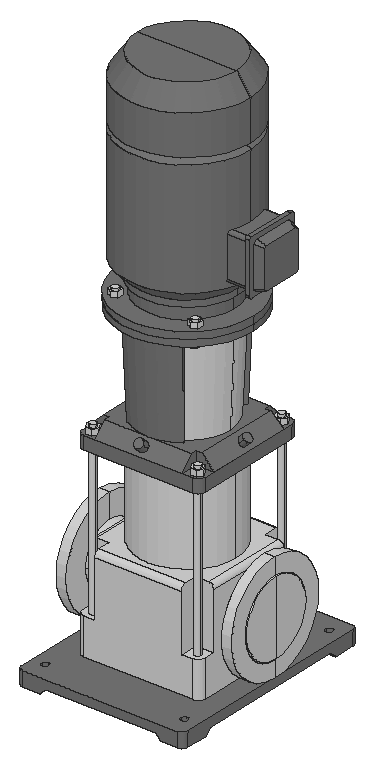
Revit family "TESK_Насос вертикальный_SVM(T)-200", category Оборудование, Revit 2019 (continued)
Types in the file's own list only (34): name | Толщина_ФланцаДвигателя | Напор максимальный | Материал_КорпусУлитка | Высота_Башня | Высота_Корпуса | D_Башня | ADSK_Полная мощность | ADSK_Номинальная мощность | ADSK_Напряжение | ADSK_Наименование | ADSK_Масса_Текст | ADSK_Масса | ADSK_Марка | ADSK_Код изделия | ADSK_Диаметр условный | Фланец_Толщина | УГО_Длина | Двигатель_Ширина | Двигатель_ОтступКоробки | Двигатель_Высота
  SVM 200-3-A 75kW 3x380V 50Hz IE3 | 26 мм | 108 | TESK_Нержавеющая сталь | 420 мм | 1325 мм | 435 мм | 75 кВ·А | 75 кВт | 400 В | "Вертикальный многоступенчатый центробежный насос SVM, DN150, PN25-40, Hmax=108м (3x380V 50Hz IE3)" | "748" | 748 | "SVM 200-3-A 75kW 3x380V 50Hz IE3" | "77200-30-10003380NSSF" | 150 мм | 30 мм | 490 мм | 580 мм | 410 мм | 870 мм
  SVM 200-3 90kW 3x380V 50Hz IE3 | 28 мм | 117.5 | TESK_Нержавеющая сталь | 420 мм | 1325 мм | 435 мм | 90 кВ·А | 90 кВт | 400 В | "Вертикальный многоступенчатый центробежный насос SVM, DN150, PN25-40, Hmax=117.5м (3x380V 50Hz IE3)" | "816" | 816 | "SVM 200-3 90kW 3x380V 50Hz IE3" | "77200-300003380NSSF" | 150 мм | 30 мм | 490 мм | 580 мм | 410 мм | 920 мм
  SVM 200-4-2B 90kW 3x380V 50Hz IE3 | 28 мм | 131.5 | TESK_Нержавеющая сталь | 500 мм | 1519 мм | 435 мм | 90 кВ·А | 90 кВт | 400 В | "Вертикальный многоступенчатый центробежный насос SVM, DN150, PN25-40, Hmax=131.5м (3x380V 50Hz IE3)" | "830" | 830 | "SVM 200-4-2B 90kW 3x380V 50Hz IE3" | "77200-40-220003380NSSF" | 150 мм | 30 мм | 490 мм | 580 мм | 410 мм | 920 мм
  SVM 200-4-2A 110kW 3x380V 50Hz IE3 | 32 мм | 138.5 | TESK_Нержавеющая сталь | 500 мм | 1519 мм | 495 мм | 110 кВ·А | 110 кВт | 400 В | "Вертикальный многоступенчатый центробежный насос SVM, DN150, PN25-40, Hmax=138.5м (3x380V 50Hz IE3)" | "1180" | 1180 | "SVM 200-4-2A 110kW 3x380V 50Hz IE3" | "77200-40-210003380NSSF" | 150 мм | 30 мм | 490 мм | 660 мм | 550 мм | 1060 мм
  SVM 200-4-A 110kW 3x380V 50Hz IE3 | 32 мм | 148 | TESK_Нержавеющая сталь | 500 мм | 1519 мм | 495 мм | 110 кВ·А | 110 кВт | 400 В | "Вертикальный многоступенчатый центробежный насос SVM, DN150, PN25-40, Hmax=148м (3x380V 50Hz IE3)" | "1180" | 1180 | "SVM 200-4-A 110kW 3x380V 50Hz IE3" | "77200-40-10003380NSSF" | 150 мм | 30 мм | 490 мм | 660 мм | 550 мм | 1060 мм
  SVM 200-4 110kW 3x380V 50Hz IE3 | 32 мм | 157.5 | TESK_Нержавеющая сталь | 500 мм | 1519 мм | 495 мм | 110 кВ·А | 110 кВт | 400 В | "Вертикальный многоступенчатый центробежный насос SVM, DN150, PN25-40, Hmax=157.5м (3x380V 50Hz IE3)" | "1180" | 1180 | "SVM 200-4 110kW 3x380V 50Hz IE3" | "77200-400003380NSSF" | 150 мм | 30 мм | 490 мм | 660 мм | 550 мм | 1060 мм
  SVMT 200-1-B 18.5kW 3x380V 50Hz IE3 | 18 мм | 25.5 | TESK_Черный_Условный | 320 мм | 907 мм | 263 мм | 19 кВ·А | 19 кВт | 400 В | "Вертикальный многоступенчатый центробежный насос SVMT, DN150, PN25-40, Hmax=25.5м (3x380V 50Hz IE3)" | "311" | 311 | "SVMT 200-1-B 18.5kW 3x380V 50Hz IE3" | "77200-10-20003380N" | 150 мм | 30 мм | 490 мм | 350 мм | 260 мм | 610 мм
  SVMT 200-1-A 22kW 3x380V 50Hz IE3 | 19 мм | 29 | TESK_Черный_Условный | 320 мм | 907 мм | 270 мм | 22 кВ·А | 22 кВт | 400 В | "Вертикальный многоступенчатый центробежный насос SVMT, DN150, PN25-40, Hmax=29м (3x380V 50Hz IE3)" | "347" | 347 | "SVMT 200-1-A 22kW 3x380V 50Hz IE3" | "77200-10-10003380N" | 150 мм | 30 мм | 490 мм | 360 мм | 285 мм | 645 мм
  SVMT 200-1 30kW 3x380V 50Hz IE3 | 21 мм | 38.5 | TESK_Черный_Условный | 320 мм | 907 мм | 300 мм | 30 кВ·А | 30 кВт | 400 В | "Вертикальный многоступенчатый центробежный насос SVMT, DN150, PN25-40, Hmax=38.5м (3x380V 50Hz IE3)" | "403" | 403 | "SVMT 200-1 30kW 3x380V 50Hz IE3" | "77200-100003380N" | 150 мм | 30 мм | 490 мм | 400 мм | 310 мм | 705 мм
  SVMT 200-2-2B 37kW 3x380V 50Hz IE3 | 21 мм | 53 | TESK_Черный_Условный | 360 мм | 1101 мм | 300 мм | 37 кВ·А | 37 кВт | 400 В | "Вертикальный многоступенчатый центробежный насос SVMT, DN150, PN25-40, Hmax=53м (3x380V 50Hz IE3)" | "447" | 447 | "SVMT 200-2-2B 37kW 3x380V 50Hz IE3" | "77200-20-220003380N" | 150 мм | 30 мм | 490 мм | 400 мм | 310 мм | 705 мм
  SVMT 200-2-A 45kW 3x380V 50Hz IE3 | 22 мм | 59.5 | TESK_Черный_Условный | 360 мм | 1101 мм | 345 мм | 45 кВ·А | 45 кВт | 400 В | "Вертикальный многоступенчатый центробежный насос SVMT, DN150, PN25-40, Hmax=59.5м (3x380V 50Hz IE3)" | "504" | 504 | "SVMT 200-2-A 45kW 3x380V 50Hz IE3" | "77200-20-210003380N" | 150 мм | 30 мм | 490 мм | 460 мм | 340 мм | 740 мм
  SVMT 200-2-A 55kW 3x380V 50Hz IE3 | 24 мм | 69 | TESK_Черный_Условный | 380 мм | 1131 мм | 413 мм | 55 кВ·А | 55 кВт | 400 В | "Вертикальный многоступенчатый центробежный насос SVMT, DN150, PN25-40, Hmax=69м (3x380V 50Hz IE3)" | "595" | 595 | "SVMT 200-2-A 55kW 3x380V 50Hz IE3" | "77200-20-10003380N" | 150 мм | 30 мм | 490 мм | 550 мм | 370 мм | 810 мм
  SVMT 200-2 55kW 3x380V 50Hz IE3 | 24 мм | 78.5 | TESK_Черный_Условный | 380 мм | 1131 мм | 413 мм | 55 кВ·А | 55 кВт | 400 В | "Вертикальный многоступенчатый центробежный насос SVMT, DN150, PN25-40, Hmax=78.5м (3x380V 50Hz IE3)" | "595" | 595 | "SVMT 200-2 55kW 3x380V 50Hz IE3" | "77200-200003380N" | 150 мм | 30 мм | 490 мм | 550 мм | 370 мм | 810 мм
  SVMT 200-3-2B 75kW 3x380V 50Hz IE3 | 26 мм | 91.5 | TESK_Черный_Условный | 420 мм | 1325 мм | 435 мм | 75 кВ·А | 75 кВт | 400 В | "Вертикальный многоступенчатый центробежный насос SVMT, DN150, PN25-40, Hmax=91.5м (3x380V 50Hz IE3)" | "748" | 748 | "SVMT 200-3-2B 75kW 3x380V 50Hz IE3" | "77200-30-220003380N" | 150 мм | 30 мм | 490 мм | 580 мм | 410 мм | 870 мм
  SVMT 200-3-A-B 75kW 3x380V 50Hz IE3 | 26 мм | 95 | TESK_Черный_Условный | 420 мм | 1325 мм | 435 мм | 75 кВ·А | 75 кВт | 400 В | "Вертикальный многоступенчатый центробежный насос SVMT, DN150, PN25-40, Hmax=95м (3x380V 50Hz IE3)" | "748" | 748 | "SVMT 200-3-A-B 75kW 3x380V 50Hz IE3" | "77200-30-1-20003380N" | 150 мм | 30 мм | 490 мм | 580 мм | 410 мм | 870 мм
  SVMT 200-3-2A 75kW 3x380V 50Hz IE3 | 26 мм | 99.5 | TESK_Черный_Условный | 420 мм | 1325 мм | 435 мм | 75 кВ·А | 75 кВт | 400 В | "Вертикальный многоступенчатый центробежный насос SVMT, DN150, PN25-40, Hmax=99.5м (3x380V 50Hz IE3)" | "748" | 748 | "SVMT 200-3-2A 75kW 3x380V 50Hz IE3" | "77200-30-210003380N" | 150 мм | 30 мм | 490 мм | 580 мм | 410 мм | 870 мм
  SVMT 200-3-B 75kW 3x380V 50Hz IE3 | 26 мм | 104.5 | TESK_Черный_Условный | 420 мм | 1325 мм | 435 мм | 75 кВ·А | 75 кВт | 400 В | "Вертикальный многоступенчатый центробежный насос SVMT, DN150, PN25-40, Hmax=104.5м (3x380V 50Hz IE3)" | "748" | 748 | "SVMT 200-3-B 75kW 3x380V 50Hz IE3" | "77200-30-20003380N" | 150 мм | 30 мм | 490 мм | 580 мм | 410 мм | 870 мм
  SVMT 200-3-A 75kW 3x380V 50Hz IE3 | 26 мм | 108 | TESK_Черный_Условный | 420 мм | 1325 мм | 435 мм | 75 кВ·А | 75 кВт | 400 В | "Вертикальный многоступенчатый центробежный насос SVMT, DN150, PN25-40, Hmax=108м (3x380V 50Hz IE3)" | "748" | 748 | "SVMT 200-3-A 75kW 3x380V 50Hz IE3" | "77200-30-10003380N" | 150 мм | 30 мм | 490 мм | 580 мм | 410 мм | 870 мм
  SVMT 200-3 90kW 3x380V 50Hz IE3 | 28 мм | 117.5 | TESK_Черный_Условный | 420 мм | 1325 мм | 435 мм | 90 кВ·А | 90 кВт | 400 В | "Вертикальный многоступенчатый центробежный насос SVMT, DN150, PN25-40, Hmax=117.5м (3x380V 50Hz IE3)" | "816" | 816 | "SVMT 200-3 90kW 3x380V 50Hz IE3" | "77200-300003380N" | 150 мм | 30 мм | 490 мм | 580 мм | 410 мм | 920 мм
  SVMT 200-4-2B 90kW 3x380V 50Hz IE3 | 28 мм | 131.5 | TESK_Черный_Условный | 500 мм | 1519 мм | 435 мм | 90 кВ·А | 90 кВт | 400 В | "Вертикальный многоступенчатый центробежный насос SVMT, DN150, PN25-40, Hmax=131.5м (3x380V 50Hz IE3)" | "830" | 830 | "SVMT 200-4-2B 90kW 3x380V 50Hz IE3" | "77200-40-220003380N" | 150 мм | 30 мм | 490 мм | 580 мм | 410 мм | 920 мм
  SVMT 200-4-2A 110kW 3x380V 50Hz IE3 | 32 мм | 138.5 | TESK_Черный_Условный | 500 мм | 1519 мм | 495 мм | 110 кВ·А | 110 кВт | 400 В | "Вертикальный многоступенчатый центробежный насос SVMT, DN150, PN25-40, Hmax=138.5м (3x380V 50Hz IE3)" | "1180" | 1180 | "SVMT 200-4-2A 110kW 3x380V 50Hz IE3" | "77200-40-210003380N" | 150 мм | 30 мм | 490 мм | 660 мм | 550 мм | 1060 мм
  SVMT 200-4-A 110kW 3x380V 50Hz IE3 | 32 мм | 148 | TESK_Черный_Условный | 500 мм | 1519 мм | 495 мм | 110 кВ·А | 110 кВт | 400 В | "Вертикальный многоступенчатый центробежный насос SVMT, DN150, PN25-40, Hmax=148м (3x380V 50Hz IE3)" | "1180" | 1180 | "SVMT 200-4-A 110kW 3x380V 50Hz IE3" | "77200-40-10003380N" | 150 мм | 30 мм | 490 мм | 660 мм | 550 мм | 1060 мм
  SVMT 200-4 110kW 3x380V 50Hz IE3 | 32 мм | 157.5 | TESK_Черный_Условный | 500 мм | 1519 мм | 495 мм | 110 кВ·А | 110 кВт | 400 В | "Вертикальный многоступенчатый центробежный насос SVMT, DN150, PN25-40, Hmax=157.5м (3x380V 50Hz IE3)" | "1180" | 1180 | "SVMT 200-4 110kW 3x380V 50Hz IE3" | "77200-400003380N" | 150 мм | 30 мм | 490 мм | 660 мм | 550 мм | 1060 мм
